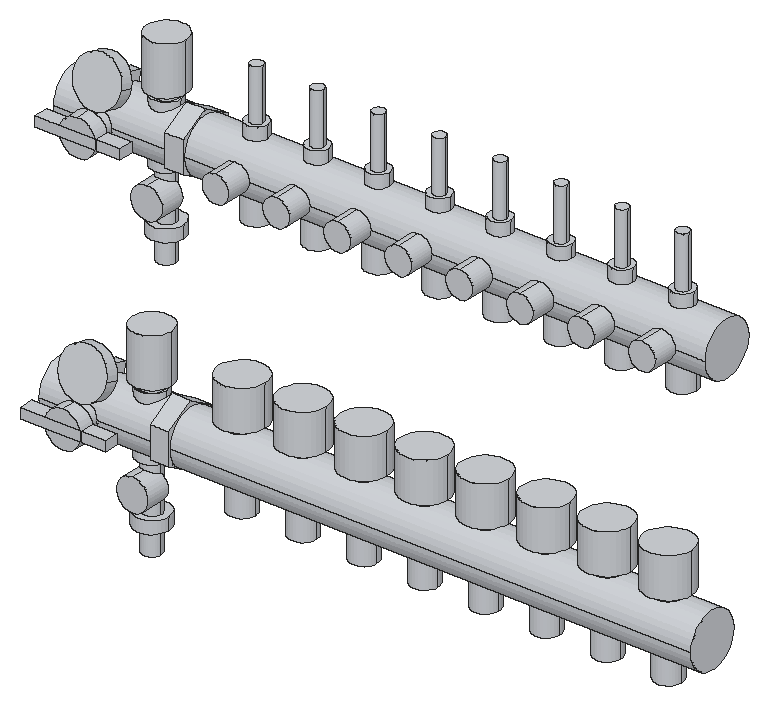
Revit family "318_f16c880827e94962872f661bd91b42", category Pipe Accessories, Revit 2017 (continued)
Connectors
  piping at (499, 0, -40), diameter 18, driven by "Flow supply 8", driven by "SBP8"
    settings: on Extrusion 119, index 9, connector inside diameter 609.6 mm, connector length 0 mm, flow factor 0, pipe flow 0.0 L/s, pressure drop 0.0 Pa, fitting loss kfactor 0, connector angle 0.00°, fixture units 0, engagement length 0 mm, angle of deflection 0.00°, flow configuration 0, flow direction 2, fitting loss method 0, system type 7, joint type 0, gender type 0, connector reference index -1, connector utility 0, adjustable connector no, is connector primary no, connector description "Branch_1_8"
  piping at (0, -15, -208), diameter 25, driven by "Flow return main", driven by "RMP"
    settings: on Extrusion 126, index 10, connector inside diameter 609.6 mm, connector length 0 mm, flow factor 0, pipe flow 0.0 L/s, pressure drop 0.0 Pa, fitting loss kfactor 0, connector angle 0.00°, fixture units 0, engagement length 0 mm, angle of deflection 0.00°, flow configuration 1, flow direction 2, fitting loss method 0, system type 8, joint type 0, gender type 0, connector reference index -1, connector utility 0, adjustable connector no, is connector primary no, connector description "Main_2_1"
  piping at (149, -15, -248), diameter 18, driven by "Flow return 1", driven by "RBP1"
    settings: on Extrusion 117, index 11, connector inside diameter 609.6 mm, connector length 0 mm, flow factor 0, pipe flow 0.0 L/s, pressure drop 0.0 Pa, fitting loss kfactor 0, connector angle 0.00°, fixture units 0, engagement length 0 mm, angle of deflection 0.00°, flow configuration 0, flow direction 1, fitting loss method 0, system type 8, joint type 0, gender type 0, connector reference index -1, connector utility 0, adjustable connector no, is connector primary no, connector description "Branch_2_1"
  piping at (199, -15, -248), diameter 18, driven by "Flow return 2", driven by "RBP2"
    settings: on Extrusion 116, index 12, connector inside diameter 609.6 mm, connector length 0 mm, flow factor 0, pipe flow 0.0 L/s, pressure drop 0.0 Pa, fitting loss kfactor 0, connector angle 0.00°, fixture units 0, engagement length 0 mm, angle of deflection 0.00°, flow configuration 0, flow direction 1, fitting loss method 0, system type 8, joint type 0, gender type 0, connector reference index -1, connector utility 0, adjustable connector no, is connector primary no, connector description "Branch_2_2"
  piping at (249, -15, -248), diameter 18, driven by "Flow return 3", driven by "RBP3"
    settings: on Extrusion 118, index 13, connector inside diameter 609.6 mm, connector length 0 mm, flow factor 0, pipe flow 0.0 L/s, pressure drop 0.0 Pa, fitting loss kfactor 0, connector angle 0.00°, fixture units 0, engagement length 0 mm, angle of deflection 0.00°, flow configuration 0, flow direction 1, fitting loss method 0, system type 8, joint type 0, gender type 0, connector reference index -1, connector utility 0, adjustable connector no, is connector primary no, connector description "Branch_2_3"
  piping at (299, -15, -248), diameter 18, driven by "Flow return 4", driven by "RBP4"
    settings: on Extrusion 115, index 14, connector inside diameter 609.6 mm, connector length 0 mm, flow factor 0, pipe flow 0.0 L/s, pressure drop 0.0 Pa, fitting loss kfactor 0, connector angle 0.00°, fixture units 0, engagement length 0 mm, angle of deflection 0.00°, flow configuration 0, flow direction 1, fitting loss method 0, system type 8, joint type 0, gender type 0, connector reference index -1, connector utility 0, adjustable connector no, is connector primary no, connector description "Branch_2_4"
  piping at (349, -15, -248), diameter 18, driven by "Flow return 5", driven by "RBP5"
    settings: on Extrusion 114, index 15, connector inside diameter 609.6 mm, connector length 0 mm, flow factor 0, pipe flow 0.0 L/s, pressure drop 0.0 Pa, fitting loss kfactor 0, connector angle 0.00°, fixture units 0, engagement length 0 mm, angle of deflection 0.00°, flow configuration 0, flow direction 1, fitting loss method 0, system type 8, joint type 0, gender type 0, connector reference index -1, connector utility 0, adjustable connector no, is connector primary no, connector description "Branch_2_5"
  piping at (399, -15, -248), diameter 18, driven by "Flow return 6", driven by "RBP6"
    settings: on Extrusion 113, index 16, connector inside diameter 609.6 mm, connector length 0 mm, flow factor 0, pipe flow 0.0 L/s, pressure drop 0.0 Pa, fitting loss kfactor 0, connector angle 0.00°, fixture units 0, engagement length 0 mm, angle of deflection 0.00°, flow configuration 0, flow direction 1, fitting loss method 0, system type 8, joint type 0, gender type 0, connector reference index -1, connector utility 0, adjustable connector no, is connector primary no, connector description "Branch_2_6"
  piping at (449, -15, -248), diameter 18, driven by "Flow return 7", driven by "RBP7"
    settings: on Extrusion 112, index 17, connector inside diameter 609.6 mm, connector length 0 mm, flow factor 0, pipe flow 0.0 L/s, pressure drop 0.0 Pa, fitting loss kfactor 0, connector angle 0.00°, fixture units 0, engagement length 0 mm, angle of deflection 0.00°, flow configuration 0, flow direction 1, fitting loss method 0, system type 8, joint type 0, gender type 0, connector reference index -1, connector utility 0, adjustable connector no, is connector primary no, connector description "Branch_2_7"
  piping at (499, -15, -248), diameter 18, driven by "Flow return 8", driven by "RBP8"
    settings: on Extrusion 111, index 18, connector inside diameter 609.6 mm, connector length 0 mm, flow factor 0, pipe flow 0.0 L/s, pressure drop 0.0 Pa, fitting loss kfactor 0, connector angle 0.00°, fixture units 0, engagement length 0 mm, angle of deflection 0.00°, flow configuration 0, flow direction 1, fitting loss method 0, system type 8, joint type 0, gender type 0, connector reference index -1, connector utility 0, adjustable connector no, is connector primary no, connector description "Branch_2_8"
